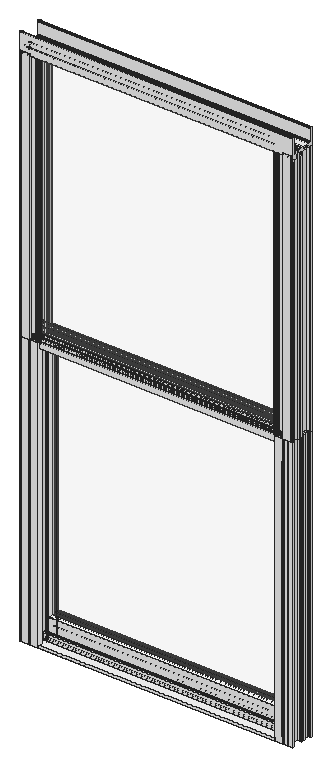
Revit family "Window_H650_Single-Hung-12-lb_Quaker", category Windows, host Wall, Revit 2026
Family settings
  Host = Wall
  Classification Number = 23.30.20.00
  Always vertical = Yes
  Cut with Voids When Loaded = No
  Shared = No
  Room Calculation Point = No
Parameters (values of type "4'-0" x 8'-0"")
  URL = "https://www.quakerwindows.com"
  Specification = ""
  Product Page URL = "https://www.arcat.com/company/quaker-windows-doors-39937"
  Offset From Center [instance] = 0' - 0"
  Model = "H650 Single Hung"
  Manufacturer = "Quaker Windows & Doors"
  Keynote = "08 51 13"
  Height = 8' - 0"
  Glass Material = Glass - Quaker
  Frame Material = Aluminum - Quaker - White
  Description = "Single Hung Window 12 Lb, Aluminum"
  Define Thermal Properties by = Schematic Type
  Default Sill Height = 2' - 0"
  Wall Closure = By host
  Width = 4' - 0"
  Copyright = "ARCAT"
  CAD Details = ""
  Analytic Construction = "<None>"
Reference planes (in)
  plane 1 "Center (Front/Back)": y = 0
  plane 2: z = 0
  plane 3 "Center (Left/Right)": x = 0
  plane 4 "Left": x = -24
  plane 5 "Right": x = 24
  plane 6 "Sill": z = 24
  plane 7 "Top": z = 120
  plane 8: y = 0
Lines and regions (in)
  Opening 1
    outline origin (-60, -3, 0) x (1, 0, 0) y (0, 0, 1)
      loop
        line (36, 120) -> (36, 24) -> (84, 24) -> (84, 120) -> (36, 120)
Text (in)
  text "EXTERIOR" at (-58.6888, 50.90694, 0), in view "Ref. Level"
  text "INTERIOR" at (-58.6888, -37.76638, 0), in view "Ref. Level"
  text "Exterior" at (0, 43.65631, 123.19604), in view "Left"
  text "Exterior" at (0, 18.29385, 125.04747), in view "Right"
Dimensions and locks (in)
  equal spacing: plane 4 "Left", plane 3 "Center (Left/Right)", plane 5 "Right"
  "Width": plane 4 "Left" to plane 5 "Right"
  "Height": plane 6 "Sill" to plane 7 "Top"
  "Default Sill Height": plane 2 to plane 6 "Sill"
  "Offset From Center": plane 8 to plane 1 "Center (Front/Back)"
  aligned and locked: plane 7 "Top" to Opening 1 sketch curve
  aligned and locked: plane 6 "Sill" to Opening 1 sketch curve  (x2)
  aligned and locked: plane 5 "Right" to Opening 1 sketch curve
  aligned and locked: plane 4 "Left" to Opening 1 sketch curve
  aligned and locked: level to plane 2
  aligned and locked: plane 3 "Center (Left/Right)" to nested 1
  aligned and locked: nested 1 to plane 8
  aligned and locked: plane 6 "Sill" to nested 1
Nested families (in)
  nested 1: "H650 Single Hung 12 lb-Window" at (0, 0, 23.988), type "H650 Single Hung 12 lb"
Definition of nested family "H650 Single Hung 12 lb-Window"
  Parameters (values of type "H650 Single Hung 12 lb")
    Width = 4' - 0"
    Mullion = none
    Height = 8' - 0"
    Glass = none
    Default Elevation = 0' - 0"
  Reference planes (in)
    plane 1 "Center (Front/Back)": y = 0
    plane 2: z = 0
    plane 3 "Center (Left/Right)": x = 0
    plane 4: z = 96
    plane 5: x = -24
    plane 6: x = 24
    plane 7: y = 0.5
    plane 8: y = -0.5
    plane 9: z = 48
    plane 10: y = 2.1202
    plane 11: y = -2.0048
    plane 12: z = 93.12482
    plane 13: z = 93.12482
    plane 14: x = -20.81798
    plane 15: x = 20.81814
    plane 16: x = -22.24984
    plane 17: x = 22.24984
    plane 18: y = -1.44222
    plane 19: y = 1.69827
    plane 20: y = 0.68606
  Forms (in)
    Sweep 1, solid, material <- "Mullion"
      path origin (0, 0, 0) x (1, 0, 0) y (0, 0, 1)
        loop
          line (-24, 93.12482) -> (-24, 48)
      profile "Single Door Mulion : Single Door Mulion" origin (-24, 0, 70.56241) x (1, 0, 0) y (0, -1, 0)
        loop
          line (2.10391, -0.57367) -> (2.10391, -0.76367) -> (2.35691, -0.76367) -> (2.35691, -0.57367) -> (2.10391, -0.57367)
        loop
          arc (3.04691, -0.81367) -> (3.16854, -0.76329) -> (3.21891, -0.64167) r 0.172
          line (3.21891, -0.64167) -> (3.21891, -0.47067)
          arc (3.21891, -0.47067) -> (3.1954, -0.43981) -> (3.15942, -0.4543) r 0.032
          line (3.15942, -0.4543) -> (3.12719, -0.50845)
          arc (3.12719, -0.50845) -> (3.12818, -0.52636) -> (3.14519, -0.53209) r 0.016
          arc (3.14519, -0.53209) -> (3.16152, -0.53522) -> (3.16891, -0.55012) r 0.01872
          line (3.16891, -0.55012) -> (3.16891, -0.65767) -> (3.00691, -0.65767) -> (3.00691, -0.43867) -> (2.90066, -0.43867) -> (2.90066, -0.48867) -> (2.95691, -0.48867) -> (2.95691, -0.73567) -> (2.40691, -0.73567) -> (2.40691, -0.43867) -> (2.27091, -0.43867) -> (2.27091, -0.47367) -> (2.31391, -0.47367) -> (2.31391, -0.52367) -> (2.10391, -0.52367) -> (2.10391, -0.47367) -> (2.14691, -0.47367) -> (2.14691, -0.43867) -> (1.96891, -0.43867) -> (1.96891, -0.5641) -> (2.00391, -0.5641) -> (2.00391, -0.5214) -> (2.05391, -0.5214) -> (2.05391, -0.73117) -> (2.00391, -0.73117) -> (2.00391, -0.68802) -> (1.96891, -0.68802) -> (1.96891, -0.81367) -> (3.04691, -0.81367)
        loop
          line (1.75016, -1.98824) -> (1.75016, -2.1202) -> (2.22526, -2.1202) -> (2.22526, -0.84492) -> (1.85026, -0.84492) -> (1.85026, -0.40754) -> (2.22526, -0.40754) -> (2.22526, -0.02049) -> (2.10026, -0.02049) -> (2.10026, -0.05999) -> (2.16526, -0.05999) -> (2.16526, -0.11049) -> (1.85526, -0.11049) -> (1.85526, -0.06049) -> (1.92026, -0.06049) -> (1.92026, -0.02049) -> (1.79326, -0.02049) -> (1.79326, -0.16053) -> (2.16526, -0.16053) -> (2.16526, -0.34742) -> (1.78026, -0.34742) -> (1.75015, -0.3687) -> (1.65384, -0.3687) -> (1.65384, -0.3037) -> (1.68893, -0.2686) -> (1.68893, -0.23715) -> (1.64967, -0.23715) -> (1.59384, -0.29299) -> (1.59384, -0.4287) -> (1.79026, -0.4287) -> (1.79026, -0.90492) -> (2.16526, -0.90492) -> (2.16526, -2.0602) -> (1.81074, -2.0602) -> (1.81074, -1.93754) -> (1.64113, -1.93754) -> (1.64113, -1.98824) -> (1.75016, -1.98824)
        loop
          line (2.9083, 1.82977) -> (2.9083, 1.74999) -> (2.75664, 1.74999) -> (2.69202, 1.71269) -> (2.71616, 1.67089) -> (2.76983, 1.70188) -> (2.95309, 1.70188) -> (2.95309, 1.78029) -> (3.1888, 1.78029) -> (3.1888, 1.70208) -> (3.24069, 1.70208) -> (3.24069, 1.78029) -> (3.44958, 1.78029) -> (3.44958, 1.70208) -> (3.50017, 1.70208) -> (3.50017, 1.82977) -> (2.9083, 1.82977)
        loop
          line (2.8986, 0.59227) -> (3.00016, 0.59227) -> (3.00016, 1.65477) -> (2.8986, 1.65477) -> (2.8986, 0.59227)
        loop
          arc (3.24561, 1.69468) -> (3.1944, 1.64347) -> (3.24561, 1.59226) r 0.05121
          line (3.24561, 1.59226) -> (3.44472, 1.59226)
          arc (3.44472, 1.59226) -> (3.49593, 1.64347) -> (3.44472, 1.69468) r 0.05121
          line (3.44472, 1.69468) -> (3.37016, 1.69468) -> (3.37016, 1.73977) -> (3.42366, 1.73977)
          arc (3.42366, 1.73977) -> (3.43866, 1.75477) -> (3.42366, 1.76977) r 0.015
          line (3.42366, 1.76977) -> (3.26666, 1.76977)
          arc (3.26666, 1.76977) -> (3.25166, 1.75477) -> (3.26666, 1.73977) r 0.015
          line (3.26666, 1.73977) -> (3.32016, 1.73977) -> (3.32016, 1.69468) -> (3.24561, 1.69468)
        loop
          arc (3.44472, 1.61726) -> (3.47093, 1.64347) -> (3.44472, 1.66968) r 0.02621
          line (3.44472, 1.66968) -> (3.24561, 1.66968)
          arc (3.24561, 1.66968) -> (3.2194, 1.64347) -> (3.24561, 1.61726) r 0.02621
          line (3.24561, 1.61726) -> (3.44472, 1.61726)
        loop
          line (2.33949, 1.14618) -> (2.33949, 1.70477) -> (2.58716, 1.70477) -> (2.58716, 1.58973) -> (2.80516, 1.58973) -> (2.80516, 1.30262) -> (2.70016, 1.30262) -> (2.70016, 1.25262) -> (2.80516, 1.25262) -> (2.80516, 1.14618) -> (2.87516, 1.14618) -> (2.87516, 1.65973) -> (2.65716, 1.65973) -> (2.65716, 1.76973) -> (2.87516, 1.76973) -> (2.87516, 1.82977) -> (2.55073, 1.82977) -> (1.25016, 1.82977) -> (1.25016, 1.68982) -> (2.25949, 1.68973) -> (2.25949, 1.14618) -> (2.33949, 1.14618)
        loop
          line (1.03798, -1.27378) -> (1.03798, -1.11019) -> (0.95798, -1.11019) -> (0.95798, -1.9952) -> (0.29588, -1.9952) -> (0.23288, -2.0582) -> (0.06216, -2.0582) -> (0.06216, -1.9772) -> (0.12516, -1.9772) -> (0.12516, -1.9152) -> (0.00016, -1.9152) -> (0.00016, -2.1202) -> (1.73844, -2.1202) -> (1.73844, -1.9983) -> (1.70016, -1.9983) -> (1.70016, -2.0452) -> (1.57874, -2.0452) -> (1.57874, -1.2102) -> (1.50055, -1.2102) -> (1.48934, -1.27378) -> (1.31675, -1.27378) -> (1.32798, -1.21005) -> (1.32798, -1.1102) -> (1.27298, -1.1102) -> (1.27298, -1.20524) -> (1.2609, -1.27378) -> (1.03798, -1.27378)
        loop
          line (0.95798, -0.6102) -> (1.03798, -0.6102) -> (1.03798, -0.50913) -> (1.2609, -0.50913) -> (1.27298, -0.57767) -> (1.27298, -0.6727) -> (1.32798, -0.6727) -> (1.32798, -0.57286) -> (1.31675, -0.50913) -> (1.48934, -0.50913) -> (1.50055, -0.5727) -> (1.57874, -0.5727) -> (1.57874, -0.22796) -> (1.70017, -0.22796) -> (1.70017, -0.35183) -> (1.75015, -0.35183) -> (1.75017, -0.02025) -> (0.5295, -0.02025) -> (0.5295, 0.10475) -> (0.4745, 0.10475) -> (0.4745, -0.02025) -> (0.18937, -0.02025) -> (0.18938, 0.07337) -> (0.10937, 0.07337) -> (0.10938, -0.12025) -> (0.95798, -0.12025) -> (0.95798, -0.6102)
        loop
          line (3.33442, 0.45761) -> (3.15958, 0.15477) -> (2.33949, 0.15477) -> (2.33949, 0.64618) -> (2.25949, 0.64618) -> (2.25949, 0.16973) -> (1.25016, 0.16982) -> (1.25016, 0.02977) -> (2.55073, 0.02977) -> (3.18202, 0.02977) -> (3.49543, 0.57261) -> (2.87516, 0.57261) -> (2.87516, 0.64618) -> (2.80516, 0.64618) -> (2.80516, 0.55261) -> (2.70016, 0.55261) -> (2.70016, 0.50261) -> (3.30844, 0.50261)
          arc (3.30844, 0.50261) -> (3.33442, 0.48761) -> (3.33442, 0.45761) r 0.03
        loop
          line (0.4045, 1.3722) -> (0.4045, 0.68466) -> (0.10938, 0.68466) -> (0.10938, 0.51104) -> (0.18938, 0.51104) -> (0.18938, 0.60466) -> (0.4745, 0.60466) -> (0.4745, 0.47966) -> (0.5295, 0.47966) -> (0.5295, 1.8797) -> (1.75016, 1.8798) -> (1.75016, 2.0048) -> (0.00016, 2.0048) -> (0.00016, 1.7998) -> (0.12516, 1.7998) -> (0.12516, 1.8618) -> (0.06216, 1.8618) -> (0.06216, 1.9428) -> (0.23288, 1.9428) -> (0.29597, 1.87971) -> (0.4045, 1.87971) -> (0.4045, 1.72722)
          arc (0.4045, 1.72722) -> (0.39147, 1.68903) -> (0.35783, 1.66676) r 0.0625
          arc (0.35783, 1.66676) -> (0.2675, 1.54971) -> (0.35783, 1.43266) r 0.121
          arc (0.35783, 1.43266) -> (0.39147, 1.41038) -> (0.4045, 1.3722) r 0.0625
    Sweep 2, solid, material <- "Mullion"
      path origin (0, 0, 0) x (1, 0, 0) y (0, 0, 1)
        loop
          line (24, 93.12482) -> (24, 48)
      profile "Single Door Mulion : Single Door Mulion" origin (24, 0, 70.56241) x (1, 0, 0) y (0, -1, 0)
        loop
          line (-2.10391, -0.57367) -> (-2.35691, -0.57367) -> (-2.35691, -0.76367) -> (-2.10391, -0.76367) -> (-2.10391, -0.57367)
        loop
          line (-3.04691, -0.81367) -> (-1.96891, -0.81367) -> (-1.96891, -0.68802) -> (-2.00391, -0.68802) -> (-2.00391, -0.73117) -> (-2.05391, -0.73117) -> (-2.05391, -0.5214) -> (-2.00391, -0.5214) -> (-2.00391, -0.5641) -> (-1.96891, -0.5641) -> (-1.96891, -0.43867) -> (-2.14691, -0.43867) -> (-2.14691, -0.47367) -> (-2.10391, -0.47367) -> (-2.10391, -0.52367) -> (-2.31391, -0.52367) -> (-2.31391, -0.47367) -> (-2.27091, -0.47367) -> (-2.27091, -0.43867) -> (-2.40691, -0.43867) -> (-2.40691, -0.73567) -> (-2.95691, -0.73567) -> (-2.95691, -0.48867) -> (-2.90066, -0.48867) -> (-2.90066, -0.43867) -> (-3.00691, -0.43867) -> (-3.00691, -0.65767) -> (-3.16891, -0.65767) -> (-3.16891, -0.55012)
          arc (-3.16891, -0.55012) -> (-3.16152, -0.53522) -> (-3.14519, -0.53209) r 0.01872
          arc (-3.14519, -0.53209) -> (-3.12818, -0.52636) -> (-3.12719, -0.50845) r 0.016
          line (-3.12719, -0.50845) -> (-3.15942, -0.4543)
          arc (-3.15942, -0.4543) -> (-3.1954, -0.43981) -> (-3.21891, -0.47067) r 0.032
          line (-3.21891, -0.47067) -> (-3.21891, -0.64167)
          arc (-3.21891, -0.64167) -> (-3.16854, -0.76329) -> (-3.04691, -0.81367) r 0.172
        loop
          line (-1.75016, -1.98824) -> (-1.64113, -1.98824) -> (-1.64113, -1.93754) -> (-1.81074, -1.93754) -> (-1.81074, -2.0602) -> (-2.16526, -2.0602) -> (-2.16526, -0.90492) -> (-1.79026, -0.90492) -> (-1.79026, -0.4287) -> (-1.59384, -0.4287) -> (-1.59384, -0.29299) -> (-1.64967, -0.23715) -> (-1.68893, -0.23715) -> (-1.68893, -0.2686) -> (-1.65384, -0.3037) -> (-1.65384, -0.3687) -> (-1.75015, -0.3687) -> (-1.78026, -0.34742) -> (-2.16526, -0.34742) -> (-2.16526, -0.16053) -> (-1.79326, -0.16053) -> (-1.79326, -0.02049) -> (-1.92026, -0.02049) -> (-1.92026, -0.06049) -> (-1.85526, -0.06049) -> (-1.85526, -0.11049) -> (-2.16526, -0.11049) -> (-2.16526, -0.05999) -> (-2.10026, -0.05999) -> (-2.10026, -0.02049) -> (-2.22526, -0.02049) -> (-2.22526, -0.40754) -> (-1.85026, -0.40754) -> (-1.85026, -0.84492) -> (-2.22526, -0.84492) -> (-2.22526, -2.1202) -> (-1.75016, -2.1202) -> (-1.75016, -1.98824)
        loop
          line (-2.9083, 1.82977) -> (-3.50017, 1.82977) -> (-3.50017, 1.70208) -> (-3.44958, 1.70208) -> (-3.44958, 1.78029) -> (-3.24069, 1.78029) -> (-3.24069, 1.70208) -> (-3.1888, 1.70208) -> (-3.1888, 1.78029) -> (-2.95309, 1.78029) -> (-2.95309, 1.70188) -> (-2.76983, 1.70188) -> (-2.71616, 1.67089) -> (-2.69202, 1.71269) -> (-2.75664, 1.74999) -> (-2.9083, 1.74999) -> (-2.9083, 1.82977)
        loop
          line (-2.8986, 0.59227) -> (-2.8986, 1.65477) -> (-3.00016, 1.65477) -> (-3.00016, 0.59227) -> (-2.8986, 0.59227)
        loop
          line (-3.24561, 1.69468) -> (-3.32016, 1.69468) -> (-3.32016, 1.73977) -> (-3.26666, 1.73977)
          arc (-3.26666, 1.73977) -> (-3.25166, 1.75477) -> (-3.26666, 1.76977) r 0.015
          line (-3.26666, 1.76977) -> (-3.42366, 1.76977)
          arc (-3.42366, 1.76977) -> (-3.43866, 1.75477) -> (-3.42366, 1.73977) r 0.015
          line (-3.42366, 1.73977) -> (-3.37016, 1.73977) -> (-3.37016, 1.69468) -> (-3.44472, 1.69468)
          arc (-3.44472, 1.69468) -> (-3.49593, 1.64347) -> (-3.44472, 1.59226) r 0.05121
          line (-3.44472, 1.59226) -> (-3.24561, 1.59226)
          arc (-3.24561, 1.59226) -> (-3.1944, 1.64347) -> (-3.24561, 1.69468) r 0.05121
        loop
          line (-3.44472, 1.61726) -> (-3.24561, 1.61726)
          arc (-3.24561, 1.61726) -> (-3.2194, 1.64347) -> (-3.24561, 1.66968) r 0.02621
          line (-3.24561, 1.66968) -> (-3.44472, 1.66968)
          arc (-3.44472, 1.66968) -> (-3.47093, 1.64347) -> (-3.44472, 1.61726) r 0.02621
        loop
          line (-2.33949, 1.14618) -> (-2.25949, 1.14618) -> (-2.25949, 1.68973) -> (-1.25016, 1.68982) -> (-1.25016, 1.82977) -> (-2.55073, 1.82977) -> (-2.87516, 1.82977) -> (-2.87516, 1.76973) -> (-2.65716, 1.76973) -> (-2.65716, 1.65973) -> (-2.87516, 1.65973) -> (-2.87516, 1.14618) -> (-2.80516, 1.14618) -> (-2.80516, 1.25262) -> (-2.70016, 1.25262) -> (-2.70016, 1.30262) -> (-2.80516, 1.30262) -> (-2.80516, 1.58973) -> (-2.58716, 1.58973) -> (-2.58716, 1.70477) -> (-2.33949, 1.70477) -> (-2.33949, 1.14618)
        loop
          line (-1.03798, -1.27378) -> (-1.2609, -1.27378) -> (-1.27298, -1.20524) -> (-1.27298, -1.1102) -> (-1.32798, -1.1102) -> (-1.32798, -1.21005) -> (-1.31675, -1.27378) -> (-1.48934, -1.27378) -> (-1.50055, -1.2102) -> (-1.57874, -1.2102) -> (-1.57874, -2.0452) -> (-1.70016, -2.0452) -> (-1.70016, -1.9983) -> (-1.73844, -1.9983) -> (-1.73844, -2.1202) -> (-0.00016, -2.1202) -> (-0.00016, -1.9152) -> (-0.12516, -1.9152) -> (-0.12516, -1.9772) -> (-0.06216, -1.9772) -> (-0.06216, -2.0582) -> (-0.23288, -2.0582) -> (-0.29588, -1.9952) -> (-0.95798, -1.9952) -> (-0.95798, -1.11019) -> (-1.03798, -1.11019) -> (-1.03798, -1.27378)
        loop
          line (-0.95798, -0.6102) -> (-0.95798, -0.12025) -> (-0.10938, -0.12025) -> (-0.10937, 0.07337) -> (-0.18938, 0.07337) -> (-0.18937, -0.02025) -> (-0.4745, -0.02025) -> (-0.4745, 0.10475) -> (-0.5295, 0.10475) -> (-0.5295, -0.02025) -> (-1.75017, -0.02025) -> (-1.75015, -0.35183) -> (-1.70017, -0.35183) -> (-1.70017, -0.22796) -> (-1.57874, -0.22796) -> (-1.57874, -0.5727) -> (-1.50055, -0.5727) -> (-1.48934, -0.50913) -> (-1.31675, -0.50913) -> (-1.32798, -0.57286) -> (-1.32798, -0.6727) -> (-1.27298, -0.6727) -> (-1.27298, -0.57767) -> (-1.2609, -0.50913) -> (-1.03798, -0.50913) -> (-1.03798, -0.6102) -> (-0.95798, -0.6102)
        loop
          arc (-3.33442, 0.45761) -> (-3.33442, 0.48761) -> (-3.30844, 0.50261) r 0.03
          line (-3.30844, 0.50261) -> (-2.70016, 0.50261) -> (-2.70016, 0.55261) -> (-2.80516, 0.55261) -> (-2.80516, 0.64618) -> (-2.87516, 0.64618) -> (-2.87516, 0.57261) -> (-3.49543, 0.57261) -> (-3.18202, 0.02977) -> (-2.55073, 0.02977) -> (-1.25016, 0.02977) -> (-1.25016, 0.16982) -> (-2.25949, 0.16973) -> (-2.25949, 0.64618) -> (-2.33949, 0.64618) -> (-2.33949, 0.15477) -> (-3.15958, 0.15477) -> (-3.33442, 0.45761)
        loop
          arc (-0.4045, 1.3722) -> (-0.39147, 1.41038) -> (-0.35783, 1.43266) r 0.0625
          arc (-0.35783, 1.43266) -> (-0.2675, 1.54971) -> (-0.35783, 1.66676) r 0.121
          arc (-0.35783, 1.66676) -> (-0.39147, 1.68903) -> (-0.4045, 1.72722) r 0.0625
          line (-0.4045, 1.72722) -> (-0.4045, 1.87971) -> (-0.29597, 1.87971) -> (-0.23288, 1.9428) -> (-0.06216, 1.9428) -> (-0.06216, 1.8618) -> (-0.12516, 1.8618) -> (-0.12516, 1.7998) -> (-0.00016, 1.7998) -> (-0.00016, 2.0048) -> (-1.75016, 2.0048) -> (-1.75016, 1.8798) -> (-0.5295, 1.8797) -> (-0.5295, 0.47966) -> (-0.4745, 0.47966) -> (-0.4745, 0.60466) -> (-0.18938, 0.60466) -> (-0.18938, 0.51104) -> (-0.10938, 0.51104) -> (-0.10938, 0.68466) -> (-0.4045, 0.68466) -> (-0.4045, 1.3722)
    Sweep 3, solid, material <- "Mullion"
      path origin (0, 0, 0) x (1, 0, 0) y (0, 0, 1)
        loop
          line (-24, 96) -> (24, 96)
      profile "Top Head-1 : Top Head-1" origin (0, 0, 96) x (0, 0, 1) y (0, -1, 0)
        loop
          arc (-3.50644, 0.23301) -> (-3.5004, 0.21843) -> (-3.48583, 0.2124) r 0.02061
          line (-3.48583, 0.2124) -> (-2.91677, 0.2124)
          arc (-2.91677, 0.2124) -> (-2.90045, 0.21916) -> (-2.89369, 0.23548) r 0.02308
          line (-2.89369, 0.23548) -> (-2.89369, 0.28213) -> (-2.81477, 0.28213)
          arc (-2.81477, 0.28213) -> (-2.80112, 0.26779) -> (-2.78133, 0.26785) r 0.02504
          line (-2.78133, 0.26785) -> (-2.6926, 0.31703)
          arc (-2.6926, 0.31703) -> (-2.67696, 0.34158) -> (-2.68903, 0.36808) r 0.03051
          arc (-2.68903, 0.36808) -> (-2.72, 0.37264) -> (-2.7406, 0.34906) r 0.03268
          line (-2.7406, 0.34906) -> (-2.78889, 0.32229) -> (-2.92421, 0.32229)
          arc (-2.92421, 0.32229) -> (-2.9374, 0.30988) -> (-2.93843, 0.2918) r 0.02446
          arc (-2.93843, 0.2918) -> (-2.94704, 0.27102) -> (-2.96782, 0.26241) r 0.02939
          line (-2.96782, 0.26241) -> (-3.17632, 0.26241)
          arc (-3.17632, 0.26241) -> (-3.19049, 0.26828) -> (-3.19635, 0.28245) r 0.02004
          line (-3.19635, 0.28245) -> (-3.19635, 0.31329)
          arc (-3.19635, 0.31329) -> (-3.21266, 0.33504) -> (-3.23861, 0.3431) r 0.0441
          arc (-3.23861, 0.3431) -> (-3.25408, 0.33232) -> (-3.24979, 0.31397) r 0.01679
          arc (-3.24979, 0.31397) -> (-3.23389, 0.2875) -> (-3.25027, 0.26133) r 0.02954
          line (-3.25027, 0.26133) -> (-3.43324, 0.26133)
          arc (-3.43324, 0.26133) -> (-3.45657, 0.28029) -> (-3.44276, 0.30701) r 0.02384
          arc (-3.44276, 0.30701) -> (-3.45493, 0.33442) -> (-3.48409, 0.34145) r 0.03391
          arc (-3.48409, 0.34145) -> (-3.49989, 0.33491) -> (-3.50644, 0.31911) r 0.02234
          line (-3.50644, 0.31911) -> (-3.50644, 0.23301)
        loop
          arc (-3.44475, 0.45385) -> (-3.49596, 0.40264) -> (-3.44475, 0.35143) r 0.05121
          line (-3.44475, 0.35143) -> (-3.37019, 0.35143) -> (-3.37019, 0.30439) -> (-3.42154, 0.30439)
          arc (-3.42154, 0.30439) -> (-3.43654, 0.28939) -> (-3.42154, 0.27439) r 0.015
          line (-3.42154, 0.27439) -> (-3.26803, 0.27439)
          arc (-3.26803, 0.27439) -> (-3.25303, 0.28939) -> (-3.26803, 0.30439) r 0.015
          line (-3.26803, 0.30439) -> (-3.3202, 0.30439) -> (-3.3202, 0.35143) -> (-3.24564, 0.35143)
          arc (-3.24564, 0.35143) -> (-3.19443, 0.40264) -> (-3.24564, 0.45385) r 0.05121
          line (-3.24564, 0.45385) -> (-3.44475, 0.45385)
        loop
          arc (-3.24569, 0.37643) -> (-3.21948, 0.40264) -> (-3.24569, 0.42885) r 0.02621
          line (-3.24569, 0.42885) -> (-3.44454, 0.42885)
          arc (-3.44454, 0.42885) -> (-3.47075, 0.40264) -> (-3.44454, 0.37643) r 0.02621
          line (-3.44454, 0.37643) -> (-3.24569, 0.37643)
        loop
          line (-2.39339, 0.38247) -> (-2.5568, 0.38247)
          arc (-2.5568, 0.38247) -> (-2.57121, 0.37651) -> (-2.57718, 0.3621) r 0.02038
          line (-2.57718, 0.3621) -> (-2.57718, 0.25226)
          arc (-2.57718, 0.25226) -> (-2.59469, 0.20999) -> (-2.63696, 0.19247) r 0.05979
          line (-2.63696, 0.19247) -> (-2.78499, 0.19247)
          arc (-2.78499, 0.19247) -> (-2.79926, 0.18656) -> (-2.80518, 0.17228) r 0.02019
          line (-2.80518, 0.17228) -> (-2.80518, 0.10879)
          arc (-2.80518, 0.10879) -> (-2.81542, 0.09309) -> (-2.80518, 0.0774) r 0.01715
          line (-2.80518, 0.0774) -> (-2.80518, -0.03237)
          arc (-2.80518, -0.03237) -> (-2.77134, -0.07596) -> (-2.72072, -0.054) r 0.045
          arc (-2.72072, -0.054) -> (-2.70878, -0.03556) -> (-2.69427, -0.01906) r 0.15
          arc (-2.69427, -0.01906) -> (-2.6692, -0.01074) -> (-2.64727, -0.02547) r 0.03
          line (-2.64727, -0.02547) -> (-2.62518, -0.06374)
          arc (-2.62518, -0.06374) -> (-2.66118, -0.12609) -> (-2.62518, -0.18845) r 0.072
          line (-2.62518, -0.18845) -> (-2.64727, -0.22672)
          arc (-2.64727, -0.22672) -> (-2.6692, -0.24144) -> (-2.69427, -0.23312) r 0.03
          arc (-2.69427, -0.23312) -> (-2.70878, -0.21663) -> (-2.72072, -0.19819) r 0.15
          arc (-2.72072, -0.19819) -> (-2.77134, -0.17622) -> (-2.80518, -0.21982) r 0.045
          line (-2.80518, -0.21982) -> (-2.80518, -0.42483)
          arc (-2.80518, -0.42483) -> (-2.79937, -0.43885) -> (-2.78535, -0.44466) r 0.01983
          line (-2.78535, -0.44466) -> (-2.74018, -0.44466)
          arc (-2.74018, -0.44466) -> (-2.70518, -0.47966) -> (-2.74018, -0.51466) r 0.035
          line (-2.74018, -0.51466) -> (-2.78518, -0.51466)
          arc (-2.78518, -0.51466) -> (-2.79932, -0.52052) -> (-2.80518, -0.53466) r 0.02
          line (-2.80518, -0.53466) -> (-2.80518, -1.57156)
          arc (-2.80518, -1.57156) -> (-2.77134, -1.61515) -> (-2.72072, -1.59319) r 0.045
          arc (-2.72072, -1.59319) -> (-2.70878, -1.57475) -> (-2.69427, -1.55825) r 0.15
          arc (-2.69427, -1.55825) -> (-2.6692, -1.54993) -> (-2.64727, -1.56466) r 0.03
          line (-2.64727, -1.56466) -> (-2.62518, -1.60293)
          arc (-2.62518, -1.60293) -> (-2.66118, -1.66528) -> (-2.62518, -1.72764) r 0.072
          line (-2.62518, -1.72764) -> (-2.64727, -1.76591)
          arc (-2.64727, -1.76591) -> (-2.6692, -1.78063) -> (-2.69427, -1.77231) r 0.03
          arc (-2.69427, -1.77231) -> (-2.70878, -1.75582) -> (-2.72072, -1.73738) r 0.15
          arc (-2.72072, -1.73738) -> (-2.77134, -1.71541) -> (-2.80518, -1.75901) r 0.045
          line (-2.80518, -1.75901) -> (-2.80518, -1.97528)
          arc (-2.80518, -1.97528) -> (-2.79932, -1.98942) -> (-2.78517, -1.99528) r 0.02001
          line (-2.78517, -1.99528) -> (-2.39324, -1.99528)
          arc (-2.39324, -1.99528) -> (-2.37905, -1.98941) -> (-2.37318, -1.97522) r 0.02006
          line (-2.37318, -1.97522) -> (-2.37318, -1.75901)
          arc (-2.37318, -1.75901) -> (-2.40702, -1.71541) -> (-2.45764, -1.73738) r 0.045
          arc (-2.45764, -1.73738) -> (-2.46958, -1.75582) -> (-2.48408, -1.77231) r 0.15
          arc (-2.48408, -1.77231) -> (-2.50915, -1.78063) -> (-2.53108, -1.76591) r 0.03
          line (-2.53108, -1.76591) -> (-2.55318, -1.72764)
          arc (-2.55318, -1.72764) -> (-2.51718, -1.66528) -> (-2.55318, -1.60293) r 0.072
          line (-2.55318, -1.60293) -> (-2.53108, -1.56466)
          arc (-2.53108, -1.56466) -> (-2.50915, -1.54993) -> (-2.48408, -1.55825) r 0.03
          arc (-2.48408, -1.55825) -> (-2.46958, -1.57475) -> (-2.45764, -1.59319) r 0.15
          arc (-2.45764, -1.59319) -> (-2.40702, -1.61515) -> (-2.37318, -1.57156) r 0.045
          line (-2.37318, -1.57156) -> (-2.37318, -0.53472)
          arc (-2.37318, -0.53472) -> (-2.37905, -0.52054) -> (-2.39324, -0.51466) r 0.02006
          line (-2.39324, -0.51466) -> (-2.43818, -0.51466)
          arc (-2.43818, -0.51466) -> (-2.47318, -0.47966) -> (-2.43818, -0.44466) r 0.035
          line (-2.43818, -0.44466) -> (-2.39298, -0.44466)
          arc (-2.39298, -0.44466) -> (-2.37898, -0.43886) -> (-2.37318, -0.42486) r 0.0198
          line (-2.37318, -0.42486) -> (-2.37318, -0.21982)
          arc (-2.37318, -0.21982) -> (-2.40702, -0.17622) -> (-2.45764, -0.19819) r 0.045
          arc (-2.45764, -0.19819) -> (-2.46958, -0.21663) -> (-2.48408, -0.23312) r 0.15
          arc (-2.48408, -0.23312) -> (-2.50915, -0.24144) -> (-2.53108, -0.22672) r 0.03
          line (-2.53108, -0.22672) -> (-2.55318, -0.18845)
          arc (-2.55318, -0.18845) -> (-2.51718, -0.12609) -> (-2.55318, -0.06374) r 0.072
          line (-2.55318, -0.06374) -> (-2.53108, -0.02547)
          arc (-2.53108, -0.02547) -> (-2.50915, -0.01074) -> (-2.48408, -0.01906) r 0.03
          arc (-2.48408, -0.01906) -> (-2.46958, -0.03556) -> (-2.45764, -0.054) r 0.15
          arc (-2.45764, -0.054) -> (-2.40702, -0.07596) -> (-2.37318, -0.03237) r 0.045
          line (-2.37318, -0.03237) -> (-2.37318, 0.36226)
          arc (-2.37318, 0.36226) -> (-2.3791, 0.37655) -> (-2.39339, 0.38247) r 0.02021
        loop
          line (-0.00018, -2.12028) -> (-0.00018, -2.0824) -> (-0.01218, -2.0527) -> (-0.01218, -1.97732)
          arc (-0.01218, -1.97732) -> (-0.00273, -1.96301) -> (-0.00018, -1.94606) r 0.03979
          arc (-0.00018, -1.94606) -> (-0.00124, -1.92939) -> (-0.01018, -1.91528) r 0.03371
          line (-0.01018, -1.91528) -> (-0.10524, -1.91528)
          arc (-0.10524, -1.91528) -> (-0.12536, -1.94628) -> (-0.10524, -1.97728) r 0.03394
          line (-0.10524, -1.97728) -> (-0.06218, -1.97728) -> (-0.06218, -2.05828) -> (-0.2327, -2.05828) -> (-0.29569, -1.99528) -> (-2.16818, -1.99528)
          arc (-2.16818, -1.99528) -> (-2.25657, -1.95867) -> (-2.29318, -1.87028) r 0.125
          line (-2.29318, -1.87028) -> (-2.29318, -1.68114)
          arc (-2.29318, -1.68114) -> (-2.30395, -1.66508) -> (-2.29318, -1.64903) r 0.01735
          line (-2.29318, -1.64903) -> (-2.29318, 0.07763)
          arc (-2.29318, 0.07763) -> (-2.30395, 0.09368) -> (-2.29318, 0.10973) r 0.01735
          line (-2.29318, 0.10973) -> (-2.29318, 0.57753)
          arc (-2.29318, 0.57753) -> (-2.29898, 0.59153) -> (-2.31299, 0.59734) r 0.01981
          line (-2.31299, 0.59734) -> (-2.37318, 0.59734) -> (-2.37318, 0.48219)
          arc (-2.37318, 0.48219) -> (-2.37895, 0.46825) -> (-2.39289, 0.46247) r 0.01971
          line (-2.39289, 0.46247) -> (-2.57586, 0.46247)
          arc (-2.57586, 0.46247) -> (-2.59136, 0.46812) -> (-2.59961, 0.4824) r 0.02412
          line (-2.59961, 0.4824) -> (-2.60818, 0.53101) -> (-2.60818, 0.61605)
          arc (-2.60818, 0.61605) -> (-2.63568, 0.6261) -> (-2.66318, 0.61605) r 0.04262
          line (-2.66318, 0.61605) -> (-2.66318, 0.5262) -> (-2.65601, 0.48556)
          arc (-2.65601, 0.48556) -> (-2.66032, 0.4695) -> (-2.67538, 0.46247) r 0.01967
          line (-2.67538, 0.46247) -> (-2.80551, 0.46247)
          arc (-2.80551, 0.46247) -> (-2.82009, 0.46778) -> (-2.82784, 0.48121) r 0.02267
          line (-2.82784, 0.48121) -> (-2.83429, 0.51778)
          arc (-2.83429, 0.51778) -> (-2.85692, 0.52656) -> (-2.87518, 0.51057) r 0.02342
          line (-2.87518, 0.51057) -> (-2.87518, 0.42358)
          arc (-2.87518, 0.42358) -> (-2.86657, 0.4028) -> (-2.84579, 0.39419) r 0.02939
          line (-2.84579, 0.39419) -> (-2.6775, 0.39419)
          arc (-2.6775, 0.39419) -> (-2.66313, 0.38824) -> (-2.65718, 0.37387) r 0.02032
          line (-2.65718, 0.37387) -> (-2.65718, 0.30206)
          arc (-2.65718, 0.30206) -> (-2.66585, 0.28114) -> (-2.68677, 0.27247) r 0.02959
          line (-2.68677, 0.27247) -> (-2.71822, 0.27247)
          arc (-2.71822, 0.27247) -> (-2.73633, 0.26648) -> (-2.74288, 0.24857) r 0.02193
          line (-2.74288, 0.24857) -> (-2.82818, 0.24857)
          arc (-2.82818, 0.24857) -> (-2.84874, 0.26548) -> (-2.87518, 0.26857) r 0.04717
          line (-2.87518, 0.26857) -> (-2.87518, -2.09992)
          arc (-2.87518, -2.09992) -> (-2.86921, -2.11432) -> (-2.85482, -2.12028) r 0.02036
          line (-2.85482, -2.12028) -> (-0.00018, -2.12028)
        loop
          arc (-2.785, 1.87972) -> (-2.79927, 1.87381) -> (-2.80518, 1.85954) r 0.02018
          line (-2.80518, 1.85954) -> (-2.80518, 1.81494)
          arc (-2.80518, 1.81494) -> (-2.84018, 1.77994) -> (-2.87518, 1.81494) r 0.035
          line (-2.87518, 1.81494) -> (-2.87518, 1.85946)
          arc (-2.87518, 1.85946) -> (-2.88111, 1.87378) -> (-2.89543, 1.87972) r 0.02025
          line (-2.89543, 1.87972) -> (-3.15619, 1.87972)
          arc (-3.15619, 1.87972) -> (-3.17108, 1.87573) -> (-3.18197, 1.86483) r 0.02977
          line (-3.18197, 1.86483) -> (-3.24453, 1.75648)
          arc (-3.24453, 1.75648) -> (-3.2446, 1.74146) -> (-3.23171, 1.73376) r 0.01515
          arc (-3.23171, 1.73376) -> (-3.19017, 1.72555) -> (-3.15401, 1.70354) r 0.121
          arc (-3.15401, 1.70354) -> (-3.15179, 1.66825) -> (-3.18708, 1.66604) r 0.025
          arc (-3.18708, 1.66604) -> (-3.24999, 1.68197) -> (-3.29957, 1.64011) r 0.071
          arc (-3.29957, 1.64011) -> (-3.31342, 1.61279) -> (-3.29957, 1.58546) r 0.03388
          arc (-3.29957, 1.58546) -> (-3.24999, 1.5436) -> (-3.18708, 1.55954) r 0.071
          arc (-3.18708, 1.55954) -> (-3.16475, 1.56511) -> (-3.14733, 1.55007) r 0.025
          arc (-3.14733, 1.55007) -> (-3.13669, 1.53685) -> (-3.12048, 1.53188) r 0.02892
          line (-3.12048, 1.53188) -> (-2.82519, 1.53188)
          arc (-2.82519, 1.53188) -> (-2.81104, 1.52602) -> (-2.80518, 1.51187) r 0.02001
          line (-2.80518, 1.51187) -> (-2.80518, 1.32702)
          arc (-2.80518, 1.32702) -> (-2.79935, 1.31294) -> (-2.78528, 1.30712) r 0.0199
          line (-2.78528, 1.30712) -> (-2.39339, 1.30712)
          arc (-2.39339, 1.30712) -> (-2.3791, 1.31304) -> (-2.37318, 1.32733) r 0.02021
          line (-2.37318, 1.32733) -> (-2.37318, 1.8595)
          arc (-2.37318, 1.8595) -> (-2.3791, 1.8738) -> (-2.3934, 1.87972) r 0.02022
          line (-2.3934, 1.87972) -> (-2.785, 1.87972)
        loop
          line (-0.00018, 2.00472) -> (-3.16363, 2.00472)
          arc (-3.16363, 2.00472) -> (-3.17957, 2.00045) -> (-3.19124, 1.98877) r 0.03189
          line (-3.19124, 1.98877) -> (-3.48956, 1.47207)
          arc (-3.48956, 1.47207) -> (-3.4971, 1.45794) -> (-3.50018, 1.44222) r 0.05421
          line (-3.50018, 1.44222) -> (-3.43578, 1.44222)
          arc (-3.43578, 1.44222) -> (-3.42747, 1.45834) -> (-3.40969, 1.46188) r 0.02088
          line (-3.40969, 1.46188) -> (-2.87518, 1.46188) -> (-2.87518, 1.17902)
          arc (-2.87518, 1.17902) -> (-2.85692, 1.16303) -> (-2.83429, 1.17181) r 0.02342
          line (-2.83429, 1.17181) -> (-2.82784, 1.20838)
          arc (-2.82784, 1.20838) -> (-2.82009, 1.22181) -> (-2.80551, 1.22712) r 0.02267
          line (-2.80551, 1.22712) -> (-2.67538, 1.22712)
          arc (-2.67538, 1.22712) -> (-2.66032, 1.22009) -> (-2.65601, 1.20403) r 0.01967
          line (-2.65601, 1.20403) -> (-2.66318, 1.16339) -> (-2.66318, 1.07355)
          arc (-2.66318, 1.07355) -> (-2.63568, 1.06349) -> (-2.60818, 1.07355) r 0.04262
          line (-2.60818, 1.07355) -> (-2.60818, 1.15858) -> (-2.59961, 1.20719)
          arc (-2.59961, 1.20719) -> (-2.59136, 1.22147) -> (-2.57586, 1.22712) r 0.02412
          line (-2.57586, 1.22712) -> (-2.39289, 1.22712)
          arc (-2.39289, 1.22712) -> (-2.37895, 1.22134) -> (-2.37318, 1.2074) r 0.01971
          line (-2.37318, 1.2074) -> (-2.37318, 1.09734) -> (-2.31299, 1.09734)
          arc (-2.31299, 1.09734) -> (-2.29898, 1.10314) -> (-2.29318, 1.11715) r 0.01981
          line (-2.29318, 1.11715) -> (-2.29318, 1.49465)
          arc (-2.29318, 1.49465) -> (-2.30395, 1.51071) -> (-2.29318, 1.52676) r 0.01735
          line (-2.29318, 1.52676) -> (-2.29318, 1.59703)
          arc (-2.29318, 1.59703) -> (-2.30395, 1.61308) -> (-2.29318, 1.62913) r 0.01735
          line (-2.29318, 1.62913) -> (-2.29318, 1.75472)
          arc (-2.29318, 1.75472) -> (-2.25657, 1.84311) -> (-2.16818, 1.87972) r 0.125
          line (-2.16818, 1.87972) -> (-0.29569, 1.87972) -> (-0.2327, 1.94272) -> (-0.06218, 1.94272) -> (-0.06218, 1.86172) -> (-0.10524, 1.86172)
          arc (-0.10524, 1.86172) -> (-0.12536, 1.83072) -> (-0.10524, 1.79972) r 0.03394
          line (-0.10524, 1.79972) -> (-0.01018, 1.79972)
          arc (-0.01018, 1.79972) -> (-0.00124, 1.81383) -> (-0.00018, 1.83049) r 0.03371
          arc (-0.00018, 1.83049) -> (-0.00273, 1.84745) -> (-0.01218, 1.86176) r 0.03979
          line (-0.01218, 1.86176) -> (-0.01218, 1.93713) -> (-0.00018, 1.96683) -> (-0.00018, 2.00472)
    Sweep 4, solid, material <- "Mullion"
      path origin (0, 0, 0) x (1, 0, 0) y (0, 0, 1)
        loop
          line (-22.24984, 48) -> (22.24984, 48)
      profile origin (0, 0, 48) x (0, 0, 1) y (0, -1, 0)
        loop
          line (0.87501, -2.07499) -> (0.87501, 0.02906) -> (0.50501, 0.02906) -> (0.50501, -0.01673)
          arc (0.50501, -0.01673) -> (0.51121, -0.03499) -> (0.52725, -0.04571) r 0.03
          line (0.52725, -0.04571) -> (0.75054, -0.10554)
          arc (0.75054, -0.10554) -> (0.78262, -0.12697) -> (0.79501, -0.1635) r 0.06
          line (0.79501, -0.1635) -> (0.79501, -0.59751)
          arc (0.79501, -0.59751) -> (0.77744, -0.63994) -> (0.73501, -0.65751) r 0.06
          line (0.73501, -0.65751) -> (0.44776, -0.65751) -> (0.44776, -0.92108) -> (0.51776, -0.92108) -> (0.51776, -0.75751) -> (0.75001, -0.75751) -> (0.75001, -1.52215) -> (0.51776, -1.52215) -> (0.51776, -1.35858) -> (0.46276, -1.35858) -> (0.46276, -1.52215) -> (0.06786, -1.52215) -> (0.05578, -1.45362) -> (0.05578, -1.35858) -> (0.00078, -1.35858) -> (0.00078, -1.45843) -> (0.00788, -1.49868)
          arc (0.00788, -1.49868) -> (0.0035, -1.51501) -> (-0.01182, -1.52215) r 0.02
          line (-0.01182, -1.52215) -> (-0.16058, -1.52215) -> (-0.17179, -1.45858) -> (-0.24998, -1.45858) -> (-0.24998, -1.53215) -> (-0.87025, -1.53215) -> (-0.55685, -2.07499) -> (0.87501, -2.07499)
        loop
          line (0.05578, -0.82604) -> (0.06786, -0.75751) -> (0.13526, -0.75751) -> (0.13526, -0.65747) -> (0.09565, -0.65747)
          arc (0.09565, -0.65747) -> (0.05476, -0.6391) -> (0.03801, -0.59751) r 0.06
          line (0.03801, -0.59751) -> (0.03801, -0.37271) -> (0.07801, -0.37271) -> (0.07801, -0.28271) -> (-0.24999, -0.28271) -> (-0.24999, -0.32275) -> (-0.03199, -0.32275) -> (-0.03199, -0.45275) -> (-0.24999, -0.45275) -> (-0.24999, -0.54606) -> (-0.1532, -0.54606)
          arc (-0.1532, -0.54606) -> (-0.02898, -0.59306) -> (-0.1532, -0.64006) r 0.071
          line (-0.1532, -0.64006) -> (-0.24999, -0.64006) -> (-0.24999, -0.82108) -> (-0.17179, -0.82108) -> (-0.16058, -0.75751) -> (0.01202, -0.75751) -> (0.00078, -0.82123) -> (0.00078, -0.92108) -> (0.05578, -0.92108) -> (0.05578, -0.82604)
        loop
          line (0.08781, -0.63271) -> (0.17001, -0.63271) -> (0.17001, -0.50771) -> (0.65301, -0.50771) -> (0.65301, -0.63271) -> (0.72876, -0.63271)
          arc (0.72876, -0.63271) -> (0.76359, -0.61828) -> (0.77801, -0.58345) r 0.04925
          line (0.77801, -0.58345) -> (0.77801, -0.38271) -> (0.72801, -0.38271) -> (0.72801, -0.28271) -> (0.50151, -0.28271) -> (0.50151, -0.33271) -> (0.5681, -0.33271) -> (0.5681, -0.38271) -> (0.25631, -0.38271) -> (0.25631, -0.33271) -> (0.32151, -0.33271) -> (0.32151, -0.28271) -> (0.09501, -0.28271) -> (0.09501, -0.38321) -> (0.04501, -0.38321) -> (0.04501, -0.58991)
          arc (0.04501, -0.58991) -> (0.05755, -0.62017) -> (0.08781, -0.63271) r 0.0428
        loop
          line (-0.87497, 1.87906) -> (-0.87497, -0.23271) -> (-0.69997, -0.23271) -> (-0.69997, -0.13271) -> (-0.74997, -0.13271) -> (-0.74997, 0.10348)
          arc (-0.74997, 0.10348) -> (-0.7324, 0.14591) -> (-0.68997, 0.16348) r 0.06
          line (-0.68997, 0.16348) -> (-0.5749, 0.16348) -> (-0.5749, 0.3436)
          arc (-0.5749, 0.3436) -> (-0.5999, 0.3686) -> (-0.6249, 0.3436) r 0.025
          line (-0.6249, 0.3436) -> (-0.6249, 0.27348)
          arc (-0.6249, 0.27348) -> (-0.63369, 0.25227) -> (-0.6549, 0.24348) r 0.03
          line (-0.6549, 0.24348) -> (-0.71997, 0.24348)
          arc (-0.71997, 0.24348) -> (-0.74119, 0.25227) -> (-0.74997, 0.27348) r 0.03
          line (-0.74997, 0.27348) -> (-0.74997, 0.67843) -> (-0.64997, 0.67843)
          arc (-0.64997, 0.67843) -> (-0.62497, 0.70343) -> (-0.64997, 0.72843) r 0.025
          line (-0.64997, 0.72843) -> (-0.74997, 0.72843) -> (-0.74997, 1.2284) -> (-0.64997, 1.2284)
          arc (-0.64997, 1.2284) -> (-0.62497, 1.2534) -> (-0.64997, 1.2784) r 0.025
          line (-0.64997, 1.2784) -> (-0.74997, 1.2784) -> (-0.74997, 1.44435)
          arc (-0.74997, 1.44435) -> (-0.72933, 1.47285) -> (-0.69581, 1.46213) r 0.03
          arc (-0.69581, 1.46213) -> (-0.59356, 1.40216) -> (-0.4797, 1.43514) r 0.15
          arc (-0.4797, 1.43514) -> (-0.47435, 1.49004) -> (-0.52924, 1.49539) r 0.039
          arc (-0.52924, 1.49539) -> (-0.64697, 1.551) -> (-0.52924, 1.60662) r 0.072
          arc (-0.52924, 1.60662) -> (-0.47435, 1.61197) -> (-0.4797, 1.66686) r 0.039
          arc (-0.4797, 1.66686) -> (-0.50526, 1.68382) -> (-0.53373, 1.69522) r 0.15
          arc (-0.53373, 1.69522) -> (-0.55519, 1.72823) -> (-0.52548, 1.75406) r 0.03
          line (-0.52548, 1.75406) -> (-0.13032, 1.75406) -> (-0.0081, 1.61197)
          arc (-0.0081, 1.61197) -> (0.01824, 1.59792) -> (0.0468, 1.60662) r 0.039
          arc (0.0468, 1.60662) -> (0.16453, 1.551) -> (0.0468, 1.49539) r 0.072
          arc (0.0468, 1.49539) -> (-0.0081, 1.49004) -> (-0.00274, 1.43514) r 0.039
          arc (-0.00274, 1.43514) -> (0.06114, 1.40432) -> (0.13203, 1.4063) r 0.15
          arc (0.13203, 1.4063) -> (0.15814, 1.4012) -> (0.16993, 1.37737) r 0.03
          line (0.16993, 1.37737) -> (0.16995, 1.30843)
          arc (0.16995, 1.30843) -> (0.16117, 1.28721) -> (0.13995, 1.27842) r 0.03
          line (0.13995, 1.27842) -> (0.06997, 1.27842)
          arc (0.06997, 1.27842) -> (0.04497, 1.25342) -> (0.06997, 1.22842) r 0.025
          line (0.06997, 1.22842) -> (0.25003, 1.22842) -> (0.25003, 1.70902) -> (0.03204, 1.70902) -> (0.03204, 1.82488) -> (0.25004, 1.82488) -> (0.25004, 1.87906) -> (-0.87497, 1.87906)
        loop
          line (-0.73299, -0.12271) -> (-0.68299, -0.12271) -> (-0.68299, -0.23271) -> (-0.30024, -0.23271)
          arc (-0.30024, -0.23271) -> (-0.27524, -0.20771) -> (-0.30024, -0.18271) r 0.025
          line (-0.30024, -0.18271) -> (-0.33624, -0.18271)
          arc (-0.33624, -0.18271) -> (-0.36124, -0.15771) -> (-0.33624, -0.13271) r 0.025
          line (-0.33624, -0.13271) -> (-0.05424, -0.13271)
          arc (-0.05424, -0.13271) -> (-0.02924, -0.15771) -> (-0.05424, -0.18271) r 0.025
          line (-0.05424, -0.18271) -> (-0.09024, -0.18271)
          arc (-0.09024, -0.18271) -> (-0.11524, -0.20771) -> (-0.09024, -0.23271) r 0.025
          line (-0.09024, -0.23271) -> (0.29251, -0.23271) -> (0.29251, -0.1249) -> (0.34251, -0.1249) -> (0.34251, 0.09048) -> (0.31151, 0.12148) -> (0.21751, 0.12148) -> (0.21751, -0.00352) -> (-0.60799, -0.00352) -> (-0.60799, 0.12148) -> (-0.70199, 0.12148) -> (-0.73299, 0.09048) -> (-0.73299, -0.12271)
        loop
          line (0.30953, -0.23271) -> (0.78503, -0.23271) -> (0.78503, -0.16654) -> (0.51882, -0.09521)
          arc (0.51882, -0.09521) -> (0.47606, -0.06664) -> (0.45953, -0.01794) r 0.08
          line (0.45953, -0.01794) -> (0.45953, 0.04906)
          arc (0.45953, 0.04906) -> (0.46831, 0.07028) -> (0.48953, 0.07906) r 0.03
          line (0.48953, 0.07906) -> (0.53873, 0.07906)
          arc (0.53873, 0.07906) -> (0.56373, 0.10406) -> (0.53873, 0.12906) r 0.025
          line (0.53873, 0.12906) -> (0.508, 0.12906)
          arc (0.508, 0.12906) -> (0.483, 0.15406) -> (0.508, 0.17906) r 0.025
          line (0.508, 0.17906) -> (0.78068, 0.17906)
          arc (0.78068, 0.17906) -> (0.80568, 0.15406) -> (0.78068, 0.12906) r 0.025
          line (0.78068, 0.12906) -> (0.74693, 0.12906)
          arc (0.74693, 0.12906) -> (0.72193, 0.10406) -> (0.74693, 0.07906) r 0.025
          line (0.74693, 0.07906) -> (0.87503, 0.07906) -> (0.87503, 0.6219) -> (0.25003, 0.6219) -> (0.25003, 0.69839) -> (0.21828, 0.72842) -> (0.06999, 0.72842)
          arc (0.06999, 0.72842) -> (0.04499, 0.70342) -> (0.06999, 0.67842) r 0.025
          line (0.06999, 0.67842) -> (0.16996, 0.67842) -> (0.1702, 0.24366) -> (-0.02505, 0.24361) -> (-0.02505, 0.3455)
          arc (-0.02505, 0.3455) -> (-0.05005, 0.3705) -> (-0.07505, 0.3455) r 0.025
          line (-0.07505, 0.3455) -> (-0.07505, 0.16348) -> (0.35953, 0.16348) -> (0.35953, -0.13291) -> (0.30953, -0.13291) -> (0.30953, -0.23271)
        loop
          line (0.25004, 0.25293) -> (0.65264, 0.25293)
          arc (0.65264, 0.25293) -> (0.66766, 0.2667) -> (0.65526, 0.28286) r 0.01508
          arc (0.65526, 0.28286) -> (0.6266, 0.33757) -> (0.6868, 0.35139) r 0.039
          arc (0.6868, 0.35139) -> (0.80453, 0.407) -> (0.6868, 0.46262) r 0.072
          arc (0.6868, 0.46262) -> (0.62827, 0.47321) -> (0.64827, 0.52923) r 0.039
          arc (0.64827, 0.52923) -> (0.65566, 0.54229) -> (0.64414, 0.5519) r 0.01171
          line (0.64414, 0.5519) -> (0.25004, 0.5519) -> (0.25004, 0.25293)
        loop
          arc (1.97434, -0.77342) -> (2.09697, -0.72262) -> (2.14777, -0.59998) r 0.17343
          line (2.14777, -0.59998) -> (2.14777, -0.4316)
          arc (2.14777, -0.4316) -> (2.12402, -0.40044) -> (2.08767, -0.41507) r 0.03233
          line (2.08767, -0.41507) -> (2.07045, -0.444)
          arc (2.07045, -0.444) -> (2.06582, -0.4661) -> (2.07574, -0.48638) r 0.03478
          line (2.07574, -0.48638) -> (2.09777, -0.50842) -> (2.09777, -0.61742) -> (1.93577, -0.61742) -> (1.93577, -0.39842) -> (1.85408, -0.39842)
          arc (1.85408, -0.39842) -> (1.82908, -0.42342) -> (1.85408, -0.44842) r 0.025
          line (1.85408, -0.44842) -> (1.88577, -0.44842) -> (1.88577, -0.69542) -> (1.33577, -0.69542) -> (1.33577, -0.39842) -> (1.20349, -0.39842)
          arc (1.20349, -0.39842) -> (1.18599, -0.41592) -> (1.20349, -0.43342) r 0.0175
          line (1.20349, -0.43342) -> (1.24277, -0.43342) -> (1.24277, -0.48342) -> (1.03277, -0.48342) -> (1.03277, -0.43342) -> (1.06424, -0.43342)
          arc (1.06424, -0.43342) -> (1.08174, -0.41592) -> (1.06424, -0.39842) r 0.0175
          line (1.06424, -0.39842) -> (0.89777, -0.39842) -> (0.89777, -0.51205)
          arc (0.89777, -0.51205) -> (0.91527, -0.52955) -> (0.93277, -0.51205) r 0.0175
          line (0.93277, -0.51205) -> (0.93277, -0.48092) -> (0.98277, -0.48092) -> (0.98277, -0.69091) -> (0.93277, -0.69091) -> (0.93277, -0.65911)
          arc (0.93277, -0.65911) -> (0.91527, -0.64161) -> (0.89777, -0.65911) r 0.0175
          line (0.89777, -0.65911) -> (0.89777, -0.77342) -> (1.97434, -0.77342)
        loop
          line (-0.1549, -0.39565) -> (-0.09317, -0.42986)
          arc (-0.09317, -0.42986) -> (-0.05744, -0.41962) -> (-0.06769, -0.38389) r 0.02628
          line (-0.06769, -0.38389) -> (-0.14075, -0.34339) -> (-0.2604, -0.34339) -> (-0.2604, -0.28271) -> (-0.87497, -0.28271) -> (-0.87497, -0.41398) -> (-0.79337, -0.41398)
          arc (-0.79337, -0.41398) -> (-0.77788, -0.39849) -> (-0.79337, -0.383) r 0.01549
          line (-0.79337, -0.383) -> (-0.82503, -0.383) -> (-0.82503, -0.33403) -> (-0.60799, -0.33403) -> (-0.60799, -0.383) -> (-0.64039, -0.383)
          arc (-0.64039, -0.383) -> (-0.65588, -0.39849) -> (-0.64039, -0.41398) r 0.01549
          line (-0.64039, -0.41398) -> (-0.56488, -0.41398) -> (-0.56488, -0.33403) -> (-0.30127, -0.33403) -> (-0.30127, -0.39565) -> (-0.1549, -0.39565)
        loop
          line (-0.62043, -0.42561) -> (-0.69499, -0.42561) -> (-0.69499, -0.37271) -> (-0.64142, -0.37271)
          arc (-0.64142, -0.37271) -> (-0.62642, -0.35771) -> (-0.64142, -0.34271) r 0.015
          line (-0.64142, -0.34271) -> (-0.7993, -0.34271)
          arc (-0.7993, -0.34271) -> (-0.8143, -0.35771) -> (-0.7993, -0.37271) r 0.015
          line (-0.7993, -0.37271) -> (-0.74499, -0.37271) -> (-0.74499, -0.42561) -> (-0.81955, -0.42561)
          arc (-0.81955, -0.42561) -> (-0.87076, -0.47682) -> (-0.81955, -0.52803) r 0.05121
          line (-0.81955, -0.52803) -> (-0.62043, -0.52803)
          arc (-0.62043, -0.52803) -> (-0.56922, -0.47682) -> (-0.62043, -0.42561) r 0.05121
        loop
          arc (-0.81955, -0.45061) -> (-0.84576, -0.47682) -> (-0.81955, -0.50303) r 0.02621
          line (-0.81955, -0.50303) -> (-0.62043, -0.50303)
          arc (-0.62043, -0.50303) -> (-0.59422, -0.47682) -> (-0.62043, -0.45061) r 0.02621
          line (-0.62043, -0.45061) -> (-0.81955, -0.45061)
        loop
          line (0.15216, 1.7606) -> (0.29854, 1.7606) -> (0.29854, 1.82221) -> (0.56215, 1.82221) -> (0.56215, 1.74226) -> (0.63766, 1.74226)
          arc (0.63766, 1.74226) -> (0.65315, 1.75775) -> (0.63766, 1.77324) r 0.01549
          line (0.63766, 1.77324) -> (0.60525, 1.77324) -> (0.60525, 1.82221) -> (0.82229, 1.82221) -> (0.82229, 1.77324) -> (0.79064, 1.77324)
          arc (0.79064, 1.77324) -> (0.77515, 1.75775) -> (0.79064, 1.74226) r 0.01549
          line (0.79064, 1.74226) -> (0.87224, 1.74226) -> (0.87224, 1.87353) -> (0.25767, 1.87353) -> (0.25767, 1.81285) -> (0.13801, 1.81285) -> (0.06495, 1.77235)
          arc (0.06495, 1.77235) -> (0.05471, 1.73662) -> (0.09044, 1.72638) r 0.02628
          line (0.09044, 1.72638) -> (0.15216, 1.7606)
        loop
          arc (0.6177, 1.73258) -> (0.56649, 1.68137) -> (0.6177, 1.63016) r 0.05121
          line (0.6177, 1.63016) -> (0.81681, 1.63016)
          arc (0.81681, 1.63016) -> (0.86802, 1.68137) -> (0.81681, 1.73258) r 0.05121
          line (0.81681, 1.73258) -> (0.74226, 1.73258) -> (0.74226, 1.78353) -> (0.79656, 1.78353)
          arc (0.79656, 1.78353) -> (0.81156, 1.79853) -> (0.79656, 1.81353) r 0.015
          line (0.79656, 1.81353) -> (0.63869, 1.81353)
          arc (0.63869, 1.81353) -> (0.62369, 1.79853) -> (0.63869, 1.78353) r 0.015
          line (0.63869, 1.78353) -> (0.69226, 1.78353) -> (0.69226, 1.73258) -> (0.6177, 1.73258)
        loop
          line (0.81681, 1.70758) -> (0.6177, 1.70758)
          arc (0.6177, 1.70758) -> (0.59149, 1.68137) -> (0.6177, 1.65516) r 0.02621
          line (0.6177, 1.65516) -> (0.81681, 1.65516)
          arc (0.81681, 1.65516) -> (0.84302, 1.68137) -> (0.81681, 1.70758) r 0.02621
    Sweep 5, solid, material <- "Mullion"
      path origin (0, 0, 0) x (1, 0, 0) y (0, 0, 1)
        loop
          line (-20.81798, 0) -> (20.81814, 0)
      profile origin (0.00008, 0, 0) x (0, 0, 1) y (0, -1, 0)
        loop
          line (3.52322, -1.83065) -> (3.46149, -1.79644)
          arc (3.46149, -1.79644) -> (3.42577, -1.80668) -> (3.43601, -1.84241) r 0.02628
          line (3.43601, -1.84241) -> (3.50907, -1.88291) -> (3.62872, -1.88291) -> (3.62872, -1.94359) -> (4.2433, -1.94359) -> (4.2433, -1.81232) -> (4.16169, -1.81232)
          arc (4.16169, -1.81232) -> (4.14621, -1.82781) -> (4.16169, -1.8433) r 0.01549
          line (4.16169, -1.8433) -> (4.19335, -1.8433) -> (4.19335, -1.89226) -> (3.97631, -1.89226) -> (3.97631, -1.8433) -> (4.00872, -1.8433)
          arc (4.00872, -1.8433) -> (4.0242, -1.82781) -> (4.00872, -1.81232) r 0.01549
          line (4.00872, -1.81232) -> (3.93321, -1.81232) -> (3.93321, -1.89226) -> (3.66959, -1.89226) -> (3.66959, -1.83065) -> (3.52322, -1.83065)
        loop
          line (3.98876, -1.80068) -> (4.06331, -1.80068) -> (4.06331, -1.85359) -> (4.00974, -1.85359)
          arc (4.00974, -1.85359) -> (3.99474, -1.86859) -> (4.00974, -1.88359) r 0.015
          line (4.00974, -1.88359) -> (4.16762, -1.88359)
          arc (4.16762, -1.88359) -> (4.18262, -1.86859) -> (4.16762, -1.85359) r 0.015
          line (4.16762, -1.85359) -> (4.11331, -1.85359) -> (4.11331, -1.80068) -> (4.18787, -1.80068)
          arc (4.18787, -1.80068) -> (4.23908, -1.74947) -> (4.18787, -1.69827) r 0.05121
          line (4.18787, -1.69827) -> (3.98876, -1.69827)
          arc (3.98876, -1.69827) -> (3.93755, -1.74947) -> (3.98876, -1.80068) r 0.05121
        loop
          arc (4.18787, -1.77568) -> (4.21408, -1.74947) -> (4.18787, -1.72327) r 0.02621
          line (4.18787, -1.72327) -> (3.98876, -1.72327)
          arc (3.98876, -1.72327) -> (3.96255, -1.74947) -> (3.98876, -1.77568) r 0.02621
          line (3.98876, -1.77568) -> (4.18787, -1.77568)
        loop
          line (1.80228, 0.71265) -> (0.72571, 0.71265) -> (0.72571, 0.59834)
          arc (0.72571, 0.59834) -> (0.74321, 0.58084) -> (0.76071, 0.59834) r 0.0175
          line (0.76071, 0.59834) -> (0.76071, 0.63015) -> (0.81071, 0.63015) -> (0.81071, 0.42015) -> (0.76071, 0.42015) -> (0.76071, 0.45128)
          arc (0.76071, 0.45128) -> (0.74321, 0.46878) -> (0.72571, 0.45128) r 0.0175
          line (0.72571, 0.45128) -> (0.72571, 0.33765) -> (0.89218, 0.33765)
          arc (0.89218, 0.33765) -> (0.90968, 0.35515) -> (0.89218, 0.37265) r 0.0175
          line (0.89218, 0.37265) -> (0.86071, 0.37265) -> (0.86071, 0.42265) -> (1.07071, 0.42265) -> (1.07071, 0.37265) -> (1.03143, 0.37265)
          arc (1.03143, 0.37265) -> (1.01393, 0.35515) -> (1.03143, 0.33765) r 0.0175
          line (1.03143, 0.33765) -> (1.16371, 0.33765) -> (1.16371, 0.63465) -> (1.71371, 0.63465) -> (1.71371, 0.38765) -> (1.68203, 0.38765)
          arc (1.68203, 0.38765) -> (1.65703, 0.36265) -> (1.68203, 0.33765) r 0.025
          line (1.68203, 0.33765) -> (1.76371, 0.33765) -> (1.76371, 0.55665) -> (1.92571, 0.55665) -> (1.92571, 0.44765) -> (1.90368, 0.42561)
          arc (1.90368, 0.42561) -> (1.89376, 0.40533) -> (1.89839, 0.38323) r 0.03478
          line (1.89839, 0.38323) -> (1.91561, 0.3543)
          arc (1.91561, 0.3543) -> (1.95196, 0.33967) -> (1.97571, 0.37084) r 0.03233
          line (1.97571, 0.37084) -> (1.97571, 0.53921)
          arc (1.97571, 0.53921) -> (1.92492, 0.66185) -> (1.80228, 0.71265) r 0.17343
        loop
          line (0.86787, -0.14323) -> (0.86787, -0.28318) -> (0.98052, -0.28318)
          arc (0.98052, -0.28318) -> (1.00052, -0.26318) -> (0.98052, -0.24318) r 0.02
          line (0.98052, -0.24318) -> (0.94799, -0.24318)
          arc (0.94799, -0.24318) -> (0.92299, -0.21818) -> (0.94799, -0.19318) r 0.025
          line (0.94799, -0.19318) -> (1.23506, -0.19318)
          arc (1.23506, -0.19318) -> (1.26006, -0.21818) -> (1.23506, -0.24318) r 0.025
          line (1.23506, -0.24318) -> (1.19718, -0.24318)
          arc (1.19718, -0.24318) -> (1.17718, -0.26318) -> (1.19718, -0.28318) r 0.02
          line (1.19718, -0.28318) -> (1.56337, -0.28318) -> (1.56337, -0.79323) -> (1.87588, -0.79323)
          arc (1.87588, -0.79323) -> (1.86115, -0.74631) -> (1.8163, -0.72616) r 0.06
          line (1.8163, -0.72616) -> (1.6463, -0.72616) -> (1.6463, -0.28611) -> (1.8623, -0.28611) -> (1.8623, -0.47409)
          arc (1.8623, -0.47409) -> (1.9012, -0.57488) -> (1.99774, -0.62339) r 0.15
          arc (1.99774, -0.62339) -> (2.04034, -0.58835) -> (2.00531, -0.54575) r 0.039
          arc (2.00531, -0.54575) -> (1.96139, -0.42318) -> (2.08396, -0.4671) r 0.072
          arc (2.08396, -0.4671) -> (2.12656, -0.50214) -> (2.16159, -0.45953) r 0.039
          arc (2.16159, -0.45953) -> (2.13586, -0.38906) -> (2.07922, -0.33985) r 0.15
          arc (2.07922, -0.33985) -> (2.04759, -0.2724) -> (2.10599, -0.22616) r 0.06
          line (2.10599, -0.22616) -> (3.11159, -0.22616)
          arc (3.11159, -0.22616) -> (3.19354, -0.27894) -> (3.17936, -0.37538) r 0.09
          arc (3.17936, -0.37538) -> (3.15287, -0.52941) -> (3.27774, -0.62339) r 0.15
          arc (3.27774, -0.62339) -> (3.32034, -0.58835) -> (3.28531, -0.54575) r 0.039
          arc (3.28531, -0.54575) -> (3.24139, -0.42318) -> (3.36396, -0.4671) r 0.072
          arc (3.36396, -0.4671) -> (3.40656, -0.50214) -> (3.44159, -0.45953) r 0.039
          arc (3.44159, -0.45953) -> (3.41586, -0.38906) -> (3.35922, -0.33985) r 0.15
          arc (3.35922, -0.33985) -> (3.32759, -0.2724) -> (3.38599, -0.22616) r 0.06
          line (3.38599, -0.22616) -> (3.88147, -0.22616) -> (4.10828, -0.61899) -> (3.6008, -0.61899)
          arc (3.6008, -0.61899) -> (3.55837, -0.63657) -> (3.5408, -0.67899) r 0.06
          line (3.5408, -0.67899) -> (3.5408, -0.79323) -> (3.61787, -0.79323) -> (3.61787, -0.68606) -> (4.23814, -0.68606) -> (3.92473, -0.14323) -> (0.86787, -0.14323)
        loop
          line (3.61787, -1.29322) -> (3.54078, -1.29322) -> (3.5428, -1.70612) -> (3.44177, -1.70612) -> (3.44177, -1.62899)
          arc (3.44177, -1.62899) -> (3.40467, -1.59004) -> (3.36396, -1.62521) r 0.039
          arc (3.36396, -1.62521) -> (3.24139, -1.66913) -> (3.28531, -1.54656) r 0.072
          arc (3.28531, -1.54656) -> (3.32034, -1.50396) -> (3.27774, -1.46892) r 0.039
          arc (3.27774, -1.46892) -> (3.15287, -1.5629) -> (3.17936, -1.71693) r 0.15
          arc (3.17936, -1.71693) -> (3.19354, -1.81337) -> (3.11159, -1.86616) r 0.09
          line (3.11159, -1.86616) -> (2.10599, -1.86616)
          arc (2.10599, -1.86616) -> (2.04759, -1.81991) -> (2.07922, -1.75246) r 0.06
          arc (2.07922, -1.75246) -> (2.13586, -1.70325) -> (2.16159, -1.63278) r 0.15
